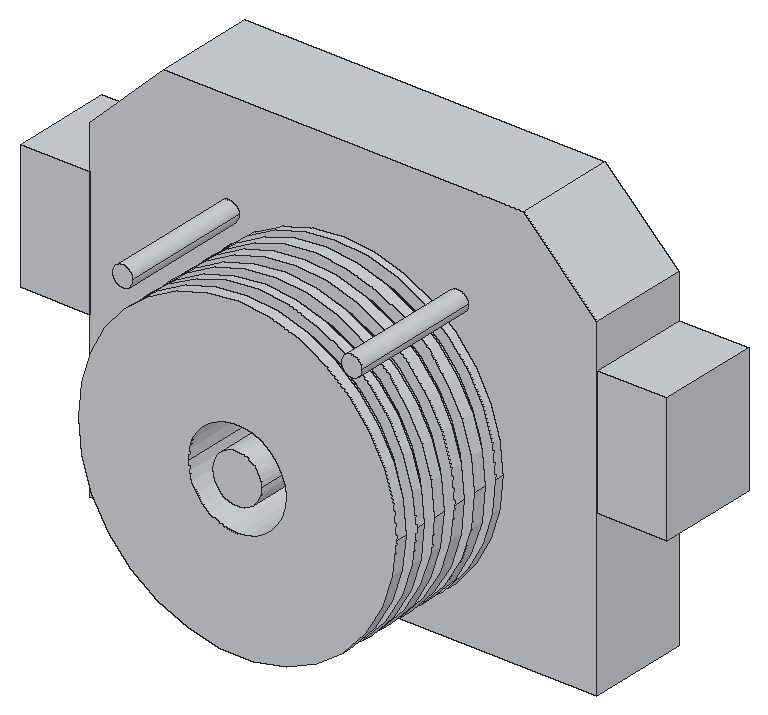
Revit family "Lift Machine (gearless) 2", category Generic Models, Revit 2022
Family settings
  Can host rebar = No
  Round Connector Dimension = Use Diameter
  Part Type = Normal
  Work Plane-Based = No
  Always vertical = Yes
  Cut with Voids When Loaded = No
  Maintain Annotation Orientation = No
  Shared = No
  Room Calculation Point = No
Parameters
  width of bracket = 1260 mm
  sheave inner diameter = Sheave diameter - 50 mm  # 730 mm
  sheave btm to base = 10 mm
  inner diameter = 650 mm
  height of bracket = 1000 mm
  height of base = 70 mm
  diameter of motor = 1040 mm
  cut width and height off bracket (1/8) = 180 mm
  Type of Drive System = "Traction"
  Sheave width = 325.145 mm
  Sheave diameter = 780 mm
  Rope_Configuration = "single wrap"
  Rope_BreakingStrength = 350
  Roping = 2
  Rope Guard = 50 mm
  RopeDiameter = 10
  RopeCount = 6
  Motor Length = 250 mm
  Model = ""
  Machine_RatedSpeed = 1.5 m/s
  DriveType = "Traction"
  BrakeType = "Block"
  Machine Brake Model = "BCA DD55 Brake"
  Geared = "gearless"
  Default Elevation = 0 mm
  Brake Width = 171.606 mm
  Brake Height = 312.653 mm
  Base Width = 780 mm
Reference planes
  plane 1 "Center (Front/Back)": y = 0
  plane 2: z = 0
  plane 3 "Center (Left/Right)": x = 0
Forms (mm)
  Extrusion 1, solid
    sketch origin (0, 0, 0) x (1, 0, 0) y (0, 0, 1)
      loop
        circle (0, 400) r 390
      loop
        circle (0, 400) r 120
      loop
        circle (0, 400) r 60
    from 575.145 to 250
  Extrusion 2, void
    sketch origin (0, 0, 0) x (1, 0, 0) y (0, 0, 1)
      loop
        circle (0, 400) r 390
      loop
        circle (0, 400) r 360
    from 430.412 to 397.35
  Extrusion 3, void
    sketch origin (0, -60, 0) x (1, 0, 0) y (0, 0, 1)
      loop
        circle (0, 400) r 390
      loop
        circle (0, 400) r 360
    from 430.412 to 397.35
  Extrusion 4, void
    sketch origin (0, 63.062, 0) x (1, 0, 0) y (0, 0, 1)
      loop
        circle (0, 400) r 390
      loop
        circle (0, 400) r 360
    from 430.412 to 397.35
  Extrusion 5, void
    sketch origin (0, -116.938, 0) x (1, 0, 0) y (0, 0, 1)
      loop
        circle (0, 400) r 390
      loop
        circle (0, 400) r 360
    from 430.412 to 397.35
  Extrusion 6, void
    sketch origin (0, 126.124, 0) x (1, 0, 0) y (0, 0, 1)
      loop
        circle (0, 400) r 390
      loop
        circle (0, 400) r 360
    from 430.412 to 397.35
  Extrusion 7, void
    sketch origin (45, 0, 0) x (1, 0, 0) y (0, 0, 1)
      loop
        line (396.081, 1000) -> (576.081, 820) -> (576.081, 1000) -> (396.081, 1000)
    from 0 to 250
  Extrusion 8, void
    sketch origin (-45, 0, 0) x (-1, 0, 0) y (0, 0, -1)
      loop
        line (396.081, -1000) -> (576.081, -1000) -> (576.081, -820) -> (396.081, -1000)
    from 0 to 250
  Extrusion 9, solid
    sketch origin (-11.621, 0, -0.54) x (1, 0, 0) y (0, 0, 1)
      loop
        line (632.702, 0) -> (632.702, 1000) -> (-609.46, 1000) -> (-609.46, 0) -> (632.702, 0)
    from 250 to 0
  Extrusion 10, solid
    sketch origin (0, 0, 0) x (1, 0, 0) y (0, 0, 1)
      loop
        circle (280.933, 746.184) r 25
    from 250 to 575.145
  Extrusion 11, solid
    sketch origin (0, 0, 0) x (-1, 0, 0) y (0, 0, -1)
      loop
        circle (280.933, -746.184) r 25
    from 575.145 to 250
  Extrusion 12, solid
    sketch origin (0, 0, 0) x (0, 1, 0) y (0, 0, 1)
      loop
        line (0, 712.653) -> (-250, 712.653) -> (-250, 400) -> (0, 400) -> (0, 712.653)
    from -621.081 to -792.686
  Extrusion 13, solid
    sketch origin (0, 0, 0) x (0, 1, 0) y (0, 0, -1)
      loop
        line (0, -712.653) -> (0, -400) -> (-250, -400) -> (-250, -712.653) -> (0, -712.653)
    from -621.081 to -792.686
Cuts and joins
  Extrusion 2, Extrusion 3, Extrusion 4, Extrusion 5, Extrusion 6 cuts Extrusion 1
  Extrusion 7, Extrusion 8 cuts Extrusion 9
Dimensions and locks
  Extrusion 9 to Extrusion 9 = 1242.162 mm
  "Sheave width": Extrusion 10 to cut or joined group of Extrusion 7, Extrusion 8, Extrusion 9
  "Sheave width": cut or joined group of Extrusion 1, Extrusion 2, Extrusion 3, Extrusion 4, Extrusion 5, Extrusion 6 to cut or joined group of Extrusion 7, Extrusion 8, Extrusion 9
  "Sheave width": Extrusion 11 to cut or joined group of Extrusion 7, Extrusion 8, Extrusion 9
  "Motor Length": cut or joined group of Extrusion 7, Extrusion 8, Extrusion 9 to cut or joined group of Extrusion 7, Extrusion 8, Extrusion 9
  "Brake Height": Extrusion 12 to Extrusion 12
  "Brake Width": Extrusion 12 to Extrusion 12
  diameter of Extrusion 2 = 720 mm
  diameter of cut or joined group of Extrusion 1, Extrusion 2, Extrusion 3, Extrusion 4, Extrusion 5, Extrusion 6 = 240 mm
  "Rope Guard": diameter of Extrusion 10
  "Rope Guard": diameter of Extrusion 11
  aligned and locked: level to plane 2
  aligned and locked: Extrusion 12 sketch curve to plane 1 "Center (Front/Back)"
  aligned and locked: Extrusion 12 sketch curve to cut or joined group of Extrusion 1, Extrusion 2, Extrusion 3, Extrusion 4, Extrusion 5, Extrusion 6
Automatic sketch dimensions
  Extrusion 1 sketch curve to Extrusion 1 sketch curve = 0 mm  (x6)
  Extrusion 1 sketch curve to plane 3 "Center (Left/Right)" = 0 mm
  level to Extrusion 1 sketch curve = 400 mm
  Extrusion 2 sketch curve to Extrusion 2 sketch curve = 0 mm  (x2)
  Extrusion 2 sketch curve to plane 3 "Center (Left/Right)" = 0 mm
  level to Extrusion 2 sketch curve = 400 mm
  Extrusion 3 sketch curve to Extrusion 3 sketch curve = 0 mm  (x2)
  Extrusion 3 sketch curve to plane 3 "Center (Left/Right)" = 0 mm
  level to Extrusion 3 sketch curve = 400 mm
  Extrusion 4 sketch curve to Extrusion 4 sketch curve = 0 mm  (x2)
  Extrusion 4 sketch curve to plane 3 "Center (Left/Right)" = 0 mm
  level to Extrusion 4 sketch curve = 400 mm
  Extrusion 5 sketch curve to Extrusion 5 sketch curve = 0 mm  (x2)
  Extrusion 5 sketch curve to plane 3 "Center (Left/Right)" = 0 mm
  level to Extrusion 5 sketch curve = 400 mm
  Extrusion 6 sketch curve to Extrusion 6 sketch curve = 0 mm  (x2)
  Extrusion 6 sketch curve to plane 3 "Center (Left/Right)" = 0 mm
  level to Extrusion 6 sketch curve = 400 mm
  plane 3 "Center (Left/Right)" to Extrusion 7 sketch curve = 441.081 mm
  Extrusion 7 sketch curve to Extrusion 7 sketch curve = 180 mm  (x2)
  level to Extrusion 7 sketch curve = 820 mm
  Extrusion 8 sketch curve to plane 3 "Center (Left/Right)" = 441.081 mm
  Extrusion 8 sketch curve to Extrusion 8 sketch curve = 180 mm  (x2)
  level to Extrusion 8 sketch curve = 1000 mm
  Extrusion 9 sketch curve to level = 0.54 mm
  Extrusion 9 sketch curve to plane 3 "Center (Left/Right)" = 621.081 mm
  plane 3 "Center (Left/Right)" to Extrusion 9 sketch curve = 621.081 mm
  level to Extrusion 9 sketch curve = 999.46 mm
  plane 3 "Center (Left/Right)" to Extrusion 10 sketch curve = 280.933 mm
  level to Extrusion 10 sketch curve = 746.184 mm
  Extrusion 11 sketch curve to plane 3 "Center (Left/Right)" = 280.933 mm
  level to Extrusion 11 sketch curve = 746.184 mm
  level to Extrusion 12 sketch curve = 400 mm
  Extrusion 12 sketch curve to Extrusion 12 sketch curve = 312.653 mm
  Extrusion 13 sketch curve to plane 1 "Center (Front/Back)" = 0 mm
  plane 1 "Center (Front/Back)" to Extrusion 13 sketch curve = 250 mm
  level to Extrusion 13 sketch curve = 712.653 mm
  Extrusion 13 sketch curve to Extrusion 13 sketch curve = 312.653 mm
  radius of Extrusion 1 sketch curve = 390 mm
  radius of Extrusion 1 sketch curve = 120 mm
  radius of Extrusion 1 sketch curve = 60 mm
  radius of Extrusion 2 sketch curve = 390 mm
  radius of Extrusion 2 sketch curve = 360 mm
  radius of Extrusion 3 sketch curve = 390 mm
  radius of Extrusion 3 sketch curve = 360 mm
  radius of Extrusion 4 sketch curve = 390 mm
  radius of Extrusion 4 sketch curve = 360 mm
  radius of Extrusion 5 sketch curve = 390 mm
  radius of Extrusion 5 sketch curve = 360 mm
  radius of Extrusion 6 sketch curve = 390 mm
  radius of Extrusion 6 sketch curve = 360 mm
  radius of Extrusion 10 sketch curve = 25 mm
  radius of Extrusion 11 sketch curve = 25 mm
